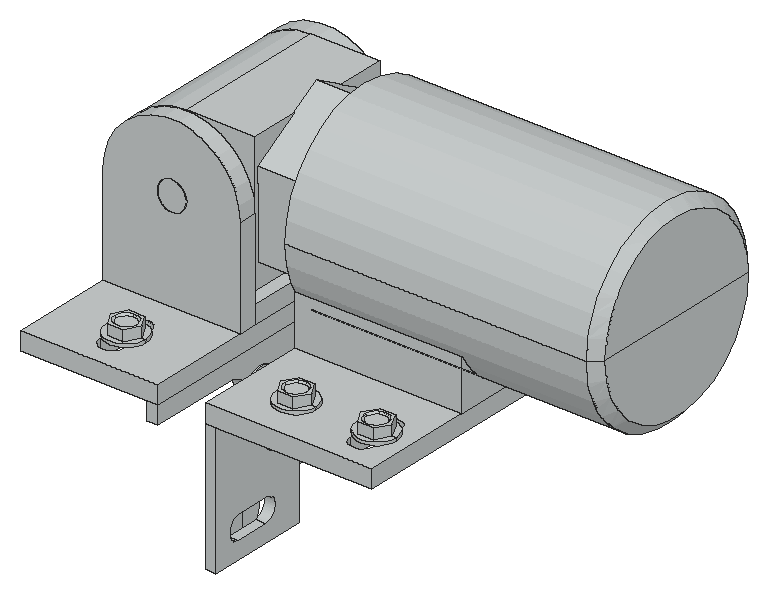
Revit family "Hinge_74108315T_SureClose-ReadyFit_DD-Technologies", category Specialty Equipment, host Face, Revit 2026
Family settings
  Host = Face
  Round Connector Dimension = Use Diameter
  Part Type = Normal
  Enable Cutting in Views = No
  Cut with Voids When Loaded = No
  Maintain Annotation Orientation = No
  Shared = No
  Room Calculation Point = No
Parameters (values of type "74108315T - SureClose® ReadyFit 108")
  Vertical Adjustment = "Yes, through fastener slots"
  URL = "https://ddtech.com/"
  Type = "Externally Mounted, Hydraulic Self-Closing Hinge-Closer"
  Specification = "https://us.ddtech.com/collections/hinge-closer/products/sureclose-readyfit-hinge-closer"
  Self-Closing Angle (Approx.) = "83° - 0°"
  Product Webpage with product image = "https://us.ddtech.com/collections/hinge-closer/products/sureclose-readyfit-hinge-closer"
  Product Name = "SureClose® ReadyFit 108"
  Model = "74108315T"
  Minimum Post Width = 0' - 1 31/32"
  Maximal Self-Closing Gate Weight*  (per pair of hinge) = "Up to 260 lb (120 kg) for 74108315T + 74108315T"
  Max. Opening Angle  (Approx.) (Set In Range 0-180°) = 0.00°
  Max. Opening Angle  (Approx.) (Constrained to 0 - 180°) = if([Max. Opening Angle  (Approx.) (Set In Range 0-180°)] < 0.00°, 0.00°, if([Max. Opening Angle  (Approx.) (Set In Range 0-180°)] > 180.00°, 180.00°, [Max. Opening Angle  (Approx.) (Set In Range 0-180°)]))  # 0.00°
  Manufacturer = "D&D Technologies"  # constant formula
  Latching Speed = "Yes (12°- 0°) And Adjustable"
  Keynote = "32 31 00 Fence & Gates"
  Horizontal Gap Adjustment (Variance) = "1/2\" - 1 3/8\" ( 12 -35mm)"
  Hold-Open = "Yes (180°- 83°)"
  Hinge Material = Steel Mounting Brackets (Passivated Zinc Coating), Aluminum Hinge Body
  Gate Material = Aluminum, Steel/Ornamental Iron
  Gate Hardware = "Hinge-Closers"
  Description = "Externally mounted, hydraulic self-closing hinge-closer, with hold-open, steel bracket, ADA suitable"
  Default Elevation = 0' - 0"
  Copyright = "Copyright© D&D Technologies Pty Ltd, part of ASSA ABLOY"  # constant formula
  Colors = "Black"
  Closing Speed = "Yes (83°- 0°) And Adjustable"
  Catalog Page = "https://us.ddtech.com/pages/digital-catalog"
  Assembly Code = "G2060.20 Fences and Gates"
  Accessibility = "Suitable for ADA applications"
Reference planes (in)
  plane 1 "Center (Front/Back)": y = 0
  plane 2: z = 0
  plane 3 "Center (Left/Right)": x = 0
  plane 4: z = 1.27802
  plane 5: x = -1.37992
Forms (in)
  Extrusion 1, solid, material "Steel Mounting Brackets (Passivated Zinc Coating), Aluminum Hinge Body" <- "Hinge Material"
    sketch origin (2.64444, 0, 1.27723) x (1, 0, 0) y (0, 1, 0)
      loop
        line (-2.76255, 2.16535) -> (-2.76255, -2.16535) -> (-0.95153, -2.16535) -> (-0.95153, 2.16535) -> (-2.76255, 2.16535)
      loop
        arc (-1.17692, 1.86024) -> (-1.30487, 1.98819) -> (-1.43282, 1.86024) r 0.12795
        line (-1.43282, 1.86024) -> (-1.43282, 1.48622)
        arc (-1.43282, 1.48622) -> (-1.30487, 1.35827) -> (-1.17692, 1.48622) r 0.12795
        line (-1.17692, 1.48622) -> (-1.17692, 1.86024)
      loop
        arc (-1.17692, -1.48622) -> (-1.30487, -1.35827) -> (-1.43282, -1.48622) r 0.12795
        line (-1.43282, -1.48622) -> (-1.43282, -1.86024)
        arc (-1.43282, -1.86024) -> (-1.30487, -1.98819) -> (-1.17692, -1.86024) r 0.12795
        line (-1.17692, -1.86024) -> (-1.17692, -1.48622)
      loop
        circle (-2.17097, 1.67323) r 0.12795
      loop
        circle (-2.17097, -1.67323) r 0.12795
    from -1.27723 to -1.08038
  Extrusion 2, solid, material "Steel Mounting Brackets (Passivated Zinc Coating), Aluminum Hinge Body" <- "Hinge Material"
    sketch origin (-0.63189, 0, 0.52928) x (0, 0, 1) y (0, -1, 0)
      loop
        line (-0.33243, -0.94496) -> (0.21534, -0.94496)
        arc (0.21534, -0.94496) -> (-0.33677, 0) -> (0.21534, 0.94496) r 1.08472
        line (0.21534, 0.94496) -> (-0.33243, 0.94496) -> (-0.33243, -0.94496)
    from 0.51378 to 2.3248
  Extrusion 3, solid, material "Steel Mounting Brackets (Passivated Zinc Coating), Aluminum Hinge Body" <- "Hinge Material"
    sketch origin (-0.63189, 0, 0.52928) x (0, 0, 1) y (0, -1, 0)
      loop
        line (1.68631, 0.01638) -> (1.20295, 0.82083) -> (0.26459, 0.80445) -> (-0.1904, -0.01638) -> (0.29296, -0.82083) -> (1.23132, -0.80445) -> (1.68631, 0.01638)
    from 0 to 0.51378
  Extrusion 4, solid, material "Steel Mounting Brackets (Passivated Zinc Coating), Aluminum Hinge Body" <- "Hinge Material"
    sketch origin (3.86294, 0, 1.27723) x (0, -1, 0) y (0, 0, -1)
      loop
        line (2.16535, 1.27723) -> (2.16535, 2.69455) -> (1.04338, 2.69455) -> (1.04338, 1.78657)
        arc (1.04338, 1.78657) -> (0.92807, 1.50818) -> (0.64968, 1.39287) r 0.3937
        line (0.64968, 1.39287) -> (-0.64968, 1.39287)
        arc (-0.64968, 1.39287) -> (-0.92807, 1.50818) -> (-1.04338, 1.78657) r 0.3937
        line (-1.04338, 1.78657) -> (-1.04338, 2.69455) -> (-2.16535, 2.69455) -> (-2.16535, 1.27723) -> (2.16535, 1.27723)
      loop
        line (1.48622, 2.25164) -> (1.86024, 2.25164)
        arc (1.86024, 2.25164) -> (1.98819, 2.37959) -> (1.86024, 2.50754) r 0.12795
        line (1.86024, 2.50754) -> (1.48622, 2.50754)
        arc (1.48622, 2.50754) -> (1.35827, 2.37959) -> (1.48622, 2.25164) r 0.12795
      loop
        circle (-1.37795, 1.7103) r 0.12795
      loop
        circle (1.37795, 1.7103) r 0.12795
      loop
        arc (-1.48622, 2.25164) -> (-1.35827, 2.37959) -> (-1.48622, 2.50754) r 0.12795
        line (-1.48622, 2.50754) -> (-1.86024, 2.50754)
        arc (-1.86024, 2.50754) -> (-1.98819, 2.37959) -> (-1.86024, 2.25164) r 0.12795
        line (-1.86024, 2.25164) -> (-1.48622, 2.25164)
    from -3.98105 to -3.86294
  Extrusion 5, solid, material "Steel Mounting Brackets (Passivated Zinc Coating), Aluminum Hinge Body" <- "Hinge Material"
    sketch origin (-1.37992, 0, 0) x (1, 0, 0) y (0, 0, 1)
      loop
        circle (0, 1.27723) r 0.15748
    from -1.04338 to 1.04338
  Extrusion 6, solid, material "Steel Mounting Brackets (Passivated Zinc Coating), Aluminum Hinge Body" <- "Hinge Material"
    sketch origin (-1.37992, 0, 1.27775) x (1, 0, 0) y (0, 0, 1)
      loop
        line (0.74803, -0.74795) -> (0.74803, 0.74811) -> (0, 0.74811)
        arc (0, 0.74811) -> (-0.74803, 0.00008) -> (0, -0.74795) r 0.74803
        line (0, -0.74795) -> (0.74803, -0.74795)
      loop
        circle (0, 0.00008) r 0.15748
    from -0.84653 to 0.84653
  Revolve 7, solid, material "Steel Mounting Brackets (Passivated Zinc Coating), Aluminum Hinge Body" <- "Hinge Material"
    sketch origin (-1.37992, 0, 1.27723) x (0, -1, 0) y (1, 0, 0)
      loop
        line (-1.08472, 1.26181) -> (0, 1.26181) -> (0, 4.64764) -> (-1.08472, 4.64764) -> (-1.08472, 1.26181)
      axis (0, 4.64764) -> (0, 1.26181)
    angle from 0 to 360
  Sweep 8, void
    path origin (3.26772, 2.29497, 48.00052) x (0, 1, 0) y (0, 0, 1)
      loop
        circle (-2.29497, -46.72329) r 1.08472
    profile origin (3.26772, 0, 2.36195) x (0, 0, -1) y (1, 0, 0)
      loop
        line (0.11168, 0) -> (0, 0) -> (0, -0.11168) -> (0.11168, 0)
Cuts and joins
  Sweep 8 cuts Revolve 7
Lines and regions (in)
  reference lines
    curve 1: line (-1.37992, 0, 1.27802) -> (-3.87948, 0, 1.27802)
Dimensions and locks (in)
  "Max. Opening Angle  (Approx.) (Constrained to 0 - 180°)": angle curve 1 to plane 4
  aligned and locked: plane 2 to host face
  aligned and locked: level to host face
  aligned and locked: Extrusion 6 to Extrusion 3
  aligned and locked: plane 4 to curve 1
  aligned and locked: plane 5 to curve 1
Automatic sketch dimensions
  host sketch curve to host sketch curve = 0' - 0.05882"
  host sketch curve to host sketch curve = 0' - 0 19/256"
  Extrusion 1 sketch curve to plane 3 "Center (Left/Right)" = 0' - 0.11811"
  plane 3 "Center (Left/Right)" to Extrusion 1 sketch curve = 0' - 0.47347"  (x2)
  Extrusion 1 sketch curve to Extrusion 1 sketch curve = 0' - 0.73815"  (x2)
  Extrusion 1 sketch curve to Extrusion 1 sketch curve = 0' - 0.12795"  (x2)
  Extrusion 1 sketch curve to Extrusion 1 sketch curve = 0' - 0.22539"
  plane 1 "Center (Front/Back)" to Extrusion 1 sketch curve = 0' - 2.16535"
  Extrusion 1 sketch curve to Extrusion 1 sketch curve = 0' - 0.30512"
  Extrusion 1 sketch curve to Extrusion 1 sketch curve = 0' - 0.18701"  (x2)
  Extrusion 1 sketch curve to Extrusion 1 sketch curve = 0' - 0.37402"  (x2)
  Extrusion 1 sketch curve to plane 1 "Center (Front/Back)" = 0' - 1.48622"
  Extrusion 1 sketch curve to Extrusion 1 sketch curve = 0' - 0.49213"
  Extrusion 2 sketch curve to plane 1 "Center (Front/Back)" = 0' - 0"
  level to Extrusion 2 sketch curve = 0' - 0.19685"
  plane 4 to Extrusion 2 sketch curve = 0' - 0.53341"  (x2)
  plane 4 to Extrusion 2 sketch curve = 0' - 0.00079"
  Extrusion 2 sketch curve to plane 1 "Center (Front/Back)" = 0' - 0.94496"
  Extrusion 3 sketch curve to plane 1 "Center (Front/Back)" = 0' - 0.01638"
  level to Extrusion 3 sketch curve = 0' - 0.33887"
  plane 4 to Extrusion 3 sketch curve = 0' - 0.48416"
  plane 4 to Extrusion 3 sketch curve = 0' - 0.45579"
  Extrusion 3 sketch curve to plane 4 = 0' - 0.4542"
  Extrusion 3 sketch curve to plane 4 = 0' - 0.48257"
  plane 1 "Center (Front/Back)" to Extrusion 3 sketch curve = 0' - 0.01638"
  Extrusion 3 sketch curve to plane 4 = 0' - 0.93756"
  Extrusion 3 sketch curve to plane 1 "Center (Front/Back)" = 0' - 0.80445"
  Extrusion 3 sketch curve to plane 1 "Center (Front/Back)" = 0' - 0.82083"
  plane 1 "Center (Front/Back)" to Extrusion 3 sketch curve = 0' - 0.80445"
  plane 1 "Center (Front/Back)" to Extrusion 3 sketch curve = 0' - 0.82083"
  Extrusion 4 sketch curve to level = 0' - 0"
  Extrusion 4 sketch curve to plane 1 "Center (Front/Back)" = 0' - 2.16535"
  Extrusion 4 sketch curve to Extrusion 4 sketch curve = 0' - 0.30512"
  Extrusion 4 sketch curve to Extrusion 4 sketch curve = 0' - 0.37402"  (x2)
  Extrusion 4 sketch curve to Extrusion 4 sketch curve = 0' - 0.10827"
  Extrusion 4 sketch curve to Extrusion 4 sketch curve = 0' - 0.44284"  (x2)
  Extrusion 4 sketch curve to level = 0' - 0.11564"
  Extrusion 4 sketch curve to Extrusion 4 sketch curve = 0' - 0.3937"  (x2)
  plane 1 "Center (Front/Back)" to Extrusion 4 sketch curve = 0' - 0.64968"
  Extrusion 4 sketch curve to Extrusion 4 sketch curve = 0' - 0.33457"
  Extrusion 4 sketch curve to Extrusion 4 sketch curve = 0' - 0.7874"
  Extrusion 4 sketch curve to Extrusion 4 sketch curve = 0' - 0.07627"  (x2)
  Extrusion 4 sketch curve to Extrusion 4 sketch curve = 0' - 0.54134"  (x2)
  Extrusion 4 sketch curve to Extrusion 4 sketch curve = 0' - 0.12795"  (x2)
  Extrusion 4 sketch curve to Extrusion 4 sketch curve = 0' - 0.18701"  (x2)
  Extrusion 5 sketch curve to Extrusion 5 sketch curve = 0' - 0"  (x2)
  Extrusion 5 sketch curve to plane 5 = 0' - 0"
  plane 4 to Extrusion 5 sketch curve = 0' - 0.00079"
  Extrusion 5 sketch curve to Extrusion 5 sketch curve = 0' - 0.15748"
  Extrusion 6 sketch curve to Extrusion 6 sketch curve = 0' - 0"  (x2)
  Extrusion 6 sketch curve to plane 5 = 0' - 0"
  Extrusion 6 sketch curve to plane 3 "Center (Left/Right)" = 0' - 0.63189"
  level to Extrusion 6 sketch curve = 0' - 0.52979"
  plane 4 to Extrusion 6 sketch curve = 0' - 0.0002"
  plane 1 "Center (Front/Back)" to Revolve 7 sketch curve = 0' - 0"  (x2)
  Revolve 7 sketch curve to Revolve 7 sketch curve = 0' - 1.08472"
  Revolve 7 sketch curve to plane 3 "Center (Left/Right)" = 0' - 0.11811"
  plane 3 "Center (Left/Right)" to Revolve 7 sketch curve = 0' - 3.26772"
  Revolve 7 sketch curve to Revolve 7 sketch curve = 0' - 1.23777"
  Revolve 7 sketch curve to Revolve 7 sketch curve = 0' - 0.88723"
  Sweep 8 sketch curve to plane 1 "Center (Front/Back)" = 0' - 0"
  plane 4 to Sweep 8 sketch curve = 0' - 0.00079"
  Sweep 8 sketch curve to profile plane = 0' - 0"  (x2)
  Sweep 8 sketch curve to profile plane = 0' - 0.11168"
  Sweep 8 sketch curve to Sweep 8 sketch curve = 0' - 0.11168"
  radius of Extrusion 1 sketch curve = 0' - 0.12795"  (x2)
  radius of Extrusion 4 sketch curve = 0' - 0.12795"  (x2)
  radius of Extrusion 6 sketch curve = 0' - 0.15748"
  radius of Sweep 8 sketch curve = 0' - 1.08472"
Nested families (in)
  nested 1: "Screw" at (0.47347, -1.67155, 0.19685), type "Screw"
  nested 2: "Screw" at (0.47347, 1.6749, 0.19685), type "Screw"
  nested 3: "Screw" at (1.33957, -1.66386, 0.19685), type "Screw"
  nested 4: "Screw" at (1.33957, 1.69336, 0.19685), type "Screw"
  nested 5: "Screw" at (-0.11811, -1.37377, -0.43307) x (0, 0, 1) z (-1, 0, 0), type "Screw"
  nested 6: "Screw" at (-0.11811, 1.38214, -0.43307) x (0, 0, 1) z (-1, 0, 0), type "Screw"
  nested 7: "Screw" at (-0.11811, 1.67741, -1.10473) x (0, 0, 1) z (-1, 0, 0), type "Screw"
  nested 8: "Screw" at (-0.11811, -1.65878, -1.10473) x (0, 0, 1) z (-1, 0, 0), type "Screw"
  nested 9: "Hinge_74108315T_SureClose-ReadyFit_DD-Technologies" at (-1.37992, 0, 1.27802), type "74108315T - SureClose® ReadyFit 108"
Definition of nested family "Screw"
  Parameters (values of type "Screw")
    Finish = none
    Default Elevation = 4' - 0"
  Reference planes (in)
    plane 1 "Center (Front/Back)": y = 0
    plane 2: z = 0
    plane 3 "Center (Left/Right)": x = 0
  Forms (in)
    Revolve 1, solid, material <- "Finish"
      sketch origin (0, 0, 0) x (1, 0, 0) y (0, 0, 1)
        loop
          line (0, 0) -> (0, 0.03253) -> (-0.21502, 0.03253) -> (-0.21502, 0) -> (0, 0)
        axis (0, 0.03253) -> (0, -0.00684)
      angle from 0 to 360
    Extrusion 2, solid, material <- "Finish"
      sketch origin (0, 0, 0) x (1, 0, 0) y (0, 1, 0)
        loop
          line (0.17127, 0) -> (0.08563, 0.14832) -> (-0.08563, 0.14832) -> (-0.17127, 0) -> (-0.08563, -0.14832) -> (0.08563, -0.14832) -> (0.17127, 0)
      from 0.03253 to 0.14504
    Blend 3, void
      base sketch origin (0, 0, 0) x (1, 0, 0) y (0, 1, 0)
        loop
          circle (0, 0) r 0.10827
      top sketch origin (0, 0, 0) x (1, 0, 0) y (0, 1, 0)
        loop
          circle (0, 0) r 0.13455
      from 0.12904 to 0.15532
  Cuts and joins
    Blend 3 cuts Extrusion 2
    joined: Revolve 1, Extrusion 2
  Dimensions and locks (in)
    aligned and locked: plane 2 to level
    aligned and locked: Revolve 1 sketch curve to plane 3 "Center (Left/Right)"
    aligned and locked: Revolve 1 sketch curve to Revolve 1 sketch curve
    aligned and locked: Revolve 1 sketch curve to plane 2
    aligned and locked: cut or joined group of Revolve 1, Extrusion 2, Blend 3 to cut or joined group of Revolve 1, Extrusion 2, Blend 3
Definition of nested family "Hinge_74108315T_SureClose-ReadyFit_DD-Technologies"
  Parameters (values of type "74108315T - SureClose® ReadyFit 108")
    Vertical Adjustment = "Yes, through fastener slots"
    URL = "https://ddtech.com/"
    Type Comments = ""
    Type = "Externally Mounted, Hydraulic Self-Closing Hinge-Closer"
    Specification = "https://us.ddtech.com/collections/hinge-closer/products/sureclose-readyfit-hinge-closer"
    Max. Opening Angle  (Approx.) (Constrained to 0 - 178°) = if([Max. Opening Angle  (Approx.) (Set In Range 0-178°)] < 0.00°, 0.00°, if([Max. Opening Angle  (Approx.) (Set In Range 0-178°)] > 178.00°, 178.00°, [Max. Opening Angle  (Approx.) (Set In Range 0-178°)]))  # 0.00°
    Self-Closing Angle (Approx.) = "83° - 0°"
    Max. Opening Angle  (Approx.) (Set In Range 0-178°) = 0.00°
    Product Webpage with product image = "https://us.ddtech.com/collections/hinge-closer/products/sureclose-readyfit-hinge-closer"
    Product Name = "SureClose® ReadyFit 108"
    Model = "74108315T"
    Manufacturer = "D&D Technologies"  # constant formula
    Latching Speed = "Yes (12°- 0°) And Adjustable"
    Keynote = "32 31 00 Fence & Gates"
    Horizontal Gap Adjustment (Variance) = "1/2\" - 1 3/8\" ( 12 -35mm)"
    Hold-Open = "Yes (178°- 84°)"
    Gate Material = none
    Description = "Externally mounted, hydraulic self-closing hinge-closer, with hold-open, steel bracket, ADA suitable"
    Minimum Post Width = 0' - 1.9685"
    Maximal Self-Closing Gate Weight*  (per pair of hinge) = "Up to 260 lb (120 kg) for 74108315T + 74108315T"
    Copyright = "© Copyright D&D Group Pty Ltd"  # constant formula
    Colors = "Black"
    Closing Speed = "Yes (83°- 0°) And Adjustable"
    Catalog Page = "https://us.ddtech.com/pages/digital-catalog"
    Hinge Material = none
    Default Elevation = 0' - 0"
    Assembly Code = "G2060.20 Fences and Gates"
    Accessibility = "Suitable for ADA applications"
  Reference planes (in)
    plane 1 "Center (Front/Back)": y = 0
    plane 2: z = 0
    plane 3 "Center (Left/Right)": x = 0
    plane 4: x = -0.74803
    plane 5: x = 0.74803
    plane 6: y = 1.04338
    plane 7: y = 0.84653
    plane 8: y = 0.94496
    plane 9: y = -1.04338
    plane 10: y = -0.84653
    plane 11: y = -0.94496
    plane 12: x = 0.62992
    plane 13: x = 1.10236
  Forms (in)
    Extrusion 1, solid, not visible
      sketch origin (0, 0, 0) x (1, 0, 0) y (0, 1, 0)
        loop
          line (0.64702, -1.54367) -> (0.64702, -1.8734) -> (0.73054, -1.8734) -> (0.73054, -1.54367) -> (0.64702, -1.54367)
      from 0 to -0.11564
    Extrusion 2, solid, material <- "Hinge Material"
      sketch origin (0, 0, -1.27723) x (1, 0, 0) y (0, 1, 0)
        loop
          line (-0.74803, 2.16535) -> (-0.74803, -2.16535) -> (0.74803, -2.16535) -> (0.74803, 2.16535) -> (-0.74803, 2.16535)
        loop
          arc (-0.12795, 1.48622) -> (0, 1.35827) -> (0.12795, 1.48622) r 0.12795
          line (0.12795, 1.48622) -> (0.12795, 1.86024)
          arc (0.12795, 1.86024) -> (0, 1.98819) -> (-0.12795, 1.86024) r 0.12795
          line (-0.12795, 1.86024) -> (-0.12795, 1.48622)
        loop
          line (-0.12795, -1.48622) -> (-0.12795, -1.86024)
          arc (-0.12795, -1.86024) -> (0, -1.98819) -> (0.12795, -1.86024) r 0.12795
          line (0.12795, -1.86024) -> (0.12795, -1.48622)
          arc (0.12795, -1.48622) -> (0, -1.35827) -> (-0.12795, -1.48622) r 0.12795
      from 0 to 0.19685
    Extrusion 3, solid, material <- "Hinge Material"
      sketch origin (0, 0, -1.27723) x (1, 0, 0) y (0, 0, 1)
        loop
          line (-0.74803, 0.19685) -> (0.74803, 0.19685) -> (0.74803, 1.27723)
          arc (0.74803, 1.27723) -> (0, 2.02526) -> (-0.74803, 1.27723) r 0.74803
          line (-0.74803, 1.27723) -> (-0.74803, 0.19685)
        loop
          circle (0, 1.27723) r 0.15748
      from -1.04338 to -0.84653
    Extrusion 4, solid, material <- "Hinge Material"
      sketch origin (0, 0, -1.27723) x (1, 0, 0) y (0, 0, -1)
        loop
          line (-0.74803, -0.19685) -> (-0.74803, -1.27723)
          arc (-0.74803, -1.27723) -> (0, -2.02526) -> (0.74803, -1.27723) r 0.74803
          line (0.74803, -1.27723) -> (0.74803, -0.19685) -> (-0.74803, -0.19685)
        loop
          circle (0, -1.27723) r 0.15748
      from -1.04338 to -0.84653
    Extrusion 5, solid, material <- "Hinge Material"
      sketch origin (0, 0, -1.27723) x (0, 1, 0) y (0, 0, 1)
        loop
          line (0.84653, 0.19685) -> (0.84653, 0.3937) -> (-0.84653, 0.3937) -> (-0.84653, 0.19685) -> (0.84653, 0.19685)
      from -0.74803 to 0.74803
    Extrusion 6, solid, material <- "Hinge Material"
      sketch origin (0.74803, 4.78834, 46.72277) x (0, 1, 0) y (0, 0, 1)
        loop
          circle (-4.00094, -48.43307) r 0.12795
        loop
          circle (-5.57574, -48.43307) r 0.12795
        loop
          circle (-4.00094, -49.10236) r 0.12795
        loop
          circle (-5.57574, -49.10236) r 0.12795
        loop
          line (-5.77259, -49.41732) -> (-3.80409, -49.41732) -> (-3.80409, -48.3937)
          arc (-3.80409, -48.3937) -> (-3.74643, -48.25451) -> (-3.60724, -48.19685) r 0.19685
          line (-3.60724, -48.19685) -> (-2.62299, -48.19685) -> (-2.62299, -48) -> (-6.95369, -48) -> (-6.95369, -48.19685) -> (-5.96944, -48.19685)
          arc (-5.96944, -48.19685) -> (-5.83025, -48.25451) -> (-5.77259, -48.3937) r 0.19685
          line (-5.77259, -48.3937) -> (-5.77259, -49.41732)
      from -0.11811 to 0
  Dimensions and locks (in)
    equal spacing: plane 4, plane 3 "Center (Left/Right)", plane 5
    plane 4 to plane 5 = 0' - 1.49606"
    locked: plane 8 to plane 6 at 0.09843
    locked: plane 7 to plane 8 at 0.09843
    locked: plane 11 to plane 9 at 0.09843
    locked: plane 10 to plane 11 at 0.09843
    equal spacing: plane 11, plane 1 "Center (Front/Back)", plane 8
    plane 11 to plane 8 = 0' - 1.88992"
    plane 12 to plane 13 = 0' - 0.47244"
    aligned and locked: plane 2 to Extrusion 1
    aligned and locked: level to Extrusion 1
  Automatic sketch dimensions
    Extrusion 1 sketch curve to Extrusion 1 sketch curve = 0' - 0.08351"
    Extrusion 1 sketch curve to Extrusion 1 sketch curve = 0' - 0.32973"
    Extrusion 2 sketch curve to plane 4 = 0' - 0"
    Extrusion 2 sketch curve to plane 3 "Center (Left/Right)" = 0' - 0"  (x2)
    Extrusion 2 sketch curve to plane 5 = 0' - 0"
    Extrusion 2 sketch curve to plane 3 "Center (Left/Right)" = 0' - 0.12795"  (x2)
    Extrusion 2 sketch curve to plane 9 = 0' - 1.12197"
    Extrusion 2 sketch curve to Extrusion 2 sketch curve = 0' - 0.30512"  (x2)
    Extrusion 2 sketch curve to Extrusion 2 sketch curve = 0' - 0.37402"  (x2)
    Extrusion 2 sketch curve to plane 6 = 0' - 0.44284"
    Extrusion 3 sketch curve to Extrusion 3 sketch curve = 0' - 0"  (x2)
    Extrusion 3 sketch curve to plane 4 = 0' - 0"
    Extrusion 3 sketch curve to level = 0' - 0"
    Extrusion 3 sketch curve to plane 3 "Center (Left/Right)" = 0' - 0"
    Extrusion 3 sketch curve to Extrusion 3 sketch curve = 0' - 1.08038"
    Extrusion 4 sketch curve to Extrusion 4 sketch curve = 0' - 0"  (x2)
    Extrusion 4 sketch curve to plane 4 = 0' - 0"
    Extrusion 4 sketch curve to level = 0' - 0"
    Extrusion 4 sketch curve to plane 3 "Center (Left/Right)" = 0' - 0"
    Extrusion 4 sketch curve to Extrusion 4 sketch curve = 0' - 1.08038"
    Extrusion 5 sketch curve to plane 10 = 0' - 0"
    Extrusion 5 sketch curve to plane 7 = 0' - 0"
    Extrusion 5 sketch curve to level = 0' - 1.08038"
    Extrusion 5 sketch curve to Extrusion 5 sketch curve = 0' - 0.19685"
    Extrusion 6 sketch curve to plane 9 = 0' - 1.12197"
    Extrusion 6 sketch curve to plane 9 = 0' - 0.13772"
    Extrusion 6 sketch curve to plane 11 = 0' - 0.03929"
    plane 10 to Extrusion 6 sketch curve = 0' - 0.05913"  (x2)
    plane 7 to Extrusion 6 sketch curve = 0' - 0.05913"  (x2)
    Extrusion 6 sketch curve to plane 8 = 0' - 0.03929"
    Extrusion 6 sketch curve to plane 6 = 0' - 0.13772"
    Extrusion 6 sketch curve to Extrusion 6 sketch curve = 0' - 0.98425"
    Extrusion 6 sketch curve to level = 0' - 2.69455"
    Extrusion 6 sketch curve to Extrusion 6 sketch curve = 0' - 0.31496"  (x2)
    Extrusion 6 sketch curve to Extrusion 6 sketch curve = 0' - 0.66929"  (x2)
    Extrusion 6 sketch curve to Extrusion 6 sketch curve = 0' - 0.03937"  (x2)
    Extrusion 6 sketch curve to Extrusion 6 sketch curve = 0' - 0.19685"
    radius of Extrusion 3 sketch curve = 0' - 0.15748"
    radius of Extrusion 4 sketch curve = 0' - 0.15748"
    radius of Extrusion 6 sketch curve = 0' - 0.12795"  (x4)
  Nested families (in)
    nested 1: "Screw" at (0, -1.66386, -1.08038), type "Screw"
    nested 2: "Screw" at (0, 1.69336, -1.08038), type "Screw"
    nested 3: "Screw" at (0.74803, -0.78792, -2.38053) x (0, 1, 0) z (1, 0, 0), type "Screw"
    nested 4: "Screw" at (0.74803, 0.78942, -2.38053) x (0, 1, 0) z (1, 0, 0), type "Screw"
    nested 5: "Screw" at (0.74803, 0.78942, -1.70845) x (0, 1, 0) z (1, 0, 0), type "Screw"
    nested 6: "Screw" at (0.74803, -0.78846, -1.70845) x (0, 1, 0) z (1, 0, 0), type "Screw"
  Definition of nested family "Screw"
    Parameters (values of type "Screw")
      Finish = none
      Default Elevation = 4' - 0"
    Reference planes (in)
      plane 1 "Center (Front/Back)": y = 0
      plane 2: z = 0
      plane 3 "Center (Left/Right)": x = 0
    Forms (in)
      Revolve 1, solid, material <- "Finish"
        sketch origin (0, 0, 0) x (1, 0, 0) y (0, 0, 1)
          loop
            line (0, 0) -> (0, 0.03253) -> (-0.21502, 0.03253) -> (-0.21502, 0) -> (0, 0)
          axis (0, 0.03253) -> (0, -0.00684)
        angle from 0 to 360
      Extrusion 2, solid, material <- "Finish"
        sketch origin (0, 0, 0) x (1, 0, 0) y (0, 1, 0)
          loop
            line (0.17127, 0) -> (0.08563, 0.14832) -> (-0.08563, 0.14832) -> (-0.17127, 0) -> (-0.08563, -0.14832) -> (0.08563, -0.14832) -> (0.17127, 0)
        from 0.03253 to 0.14504
      Blend 3, void
        base sketch origin (0, 0, 0) x (1, 0, 0) y (0, 1, 0)
          loop
            circle (0, 0) r 0.10827
        top sketch origin (0, 0, 0) x (1, 0, 0) y (0, 1, 0)
          loop
            circle (0, 0) r 0.13455
        from 0.12904 to 0.15532
    Cuts and joins
      Blend 3 cuts Extrusion 2
      joined: Revolve 1, Extrusion 2
    Dimensions and locks (in)
      aligned and locked: plane 2 to level
      aligned and locked: Revolve 1 sketch curve to plane 3 "Center (Left/Right)"
      aligned and locked: Revolve 1 sketch curve to Revolve 1 sketch curve
      aligned and locked: Revolve 1 sketch curve to plane 2
      aligned and locked: cut or joined group of Revolve 1, Extrusion 2, Blend 3 to cut or joined group of Revolve 1, Extrusion 2, Blend 3
